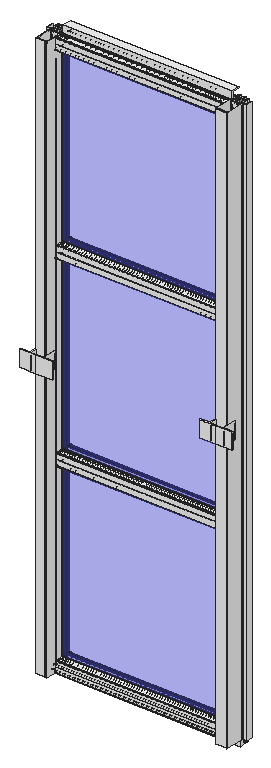
Revit family "Facade_60_Curtain_Wall_I13_Custom", category Windows, host Wall, Revit 2014 (continued)
Definition of nested family "F60 Horizontal Profile Middle_I13_Cust"
  Forms (mm)
    Extrusion 4, solid, material <- "Profile Material"
      sketch origin (0, 0, 0) x (0, 1, 0) y (0, 0, 1)
        loop
          line (-49.8, 59.5) -> (-49.8, 57.65) -> (-48.65, 57.65) -> (-48.65, 58.8) -> (-47.35, 58.8) -> (-47.35, 53.3) -> (-48.65, 53.3) -> (-48.65, 54.45) -> (-49.8, 54.45) -> (-49.8, 52.1)
          arc (-49.8, 52.1) -> (-49.3, 51.6) -> (-48.8, 52.1) r 0.5
          line (-48.8, 52.1) -> (-45.85, 52.1) -> (-45.85, 51.15)
          arc (-45.85, 51.15) -> (-45.674, 50.726) -> (-45.25, 50.55) r 0.6
          line (-45.25, 50.55) -> (-44.4, 50.55) -> (-44.4, 52.1) -> (-42.8, 52.1) -> (-42.8, 35.551)
          arc (-42.8, 35.551) -> (-43.034, 34.985) -> (-43.6, 34.751) r 0.8
          line (-43.6, 34.751) -> (-58.5, 34.751)
          arc (-58.5, 34.751) -> (-59.066, 34.516) -> (-59.3, 33.951) r 0.8
          line (-59.3, 33.951) -> (-59.3, 32.902) -> (-42.8, 32.902) -> (-42.8, 27.1) -> (-59.3, 27.1) -> (-59.3, 26.049)
          arc (-59.3, 26.049) -> (-59.066, 25.484) -> (-58.5, 25.249) r 0.8
      from 0 to 250 <- "Length"
    Extrusion 5, solid, material <- "Thermal Break Material", visible <- "Single Glazing"
      sketch origin (0, 0, 0) x (0, 1, 0) y (0, 0, 1)
        loop
          arc (-63.8, 25.751) -> (-63.654, 25.397) -> (-63.3, 25.251) r 0.5
          line (-63.3, 25.251) -> (-59.8, 25.251)
          arc (-59.8, 25.251) -> (-59.446, 25.397) -> (-59.3, 25.751) r 0.5
          line (-59.3, 25.751) -> (-59.3, 27.648) -> (-49.599, 27.648) -> (-47.528, 28.651)
          arc (-47.528, 28.651) -> (-46.803, 30.001) -> (-47.528, 31.351) r 1.62
          line (-47.528, 31.351) -> (-49.599, 32.353) -> (-59.3, 32.353) -> (-59.3, 34.251)
          arc (-59.3, 34.251) -> (-59.446, 34.604) -> (-59.8, 34.751) r 0.5
          line (-59.8, 34.751) -> (-63.3, 34.751)
          arc (-63.3, 34.751) -> (-63.654, 34.604) -> (-63.8, 34.251) r 0.5
          line (-63.8, 34.251) -> (-63.8, 32.328) -> (-62.4, 31.52) -> (-62.4, 28.483) -> (-63.8, 27.673) -> (-63.8, 25.751)
        loop
          line (-59.794, 28.506) -> (-59.006, 29.294)
          arc (-59.006, 29.294) -> (-58.788, 29.618) -> (-58.713, 30.001) r 0.986
          arc (-58.713, 30.001) -> (-58.79, 30.384) -> (-59.008, 30.71) r 1.007
          line (-59.008, 30.71) -> (-59.794, 31.496) -> (-60.65, 31.496)
          arc (-60.65, 31.496) -> (-61.004, 31.349) -> (-61.15, 30.996) r 0.5
          line (-61.15, 30.996) -> (-61.15, 29.006)
          arc (-61.15, 29.006) -> (-61.004, 28.652) -> (-60.65, 28.506) r 0.5
          line (-60.65, 28.506) -> (-59.794, 28.506)
        loop
          line (-47.854, 30.898) -> (-49.415, 31.653) -> (-56.782, 31.653)
          arc (-56.782, 31.653) -> (-57.207, 31.417) -> (-57.23, 30.932) r 0.5
          arc (-57.23, 30.932) -> (-57.013, 30.001) -> (-57.23, 29.07) r 2.099
          arc (-57.23, 29.07) -> (-57.207, 28.584) -> (-56.782, 28.348) r 0.5
          line (-56.782, 28.348) -> (-49.415, 28.348) -> (-48.055, 29.007)
          arc (-48.055, 29.007) -> (-47.35, 29.888) -> (-47.854, 30.898) r 1.047
      from 0 to 250 <- "Length"
    Extrusion 6, solid, material <- "Profile Material", visible <- "Single Glazing"
      sketch origin (0, 0, 0) x (0, 1, 0) y (0, 0, 1)
        loop
          line (-63.8, 52.694) -> (-64.8, 52.694) -> (-64.8, 51.544) -> (-66.05, 51.544) -> (-66.05, 57.044) -> (-64.8, 57.044) -> (-64.8, 55.894) -> (-63.8, 55.894) -> (-63.8, 58.294)
          arc (-63.8, 58.294) -> (-64.082, 58.803) -> (-64.664, 58.835) r 0.6
          line (-64.664, 58.835) -> (-66.562, 57.91) -> (-67.088, 58.988) -> (-68.05, 58.519) -> (-68.05, 48.513)
          arc (-68.05, 48.513) -> (-67.874, 48.089) -> (-67.45, 47.913) r 0.6
          line (-67.45, 47.913) -> (-66.6, 47.913) -> (-66.6, 12.09) -> (-67.45, 12.09)
          arc (-67.45, 12.09) -> (-67.874, 11.914) -> (-68.05, 11.49) r 0.6
          line (-68.05, 11.49) -> (-68.05, 1.485) -> (-67.088, 1.016) -> (-66.562, 2.095) -> (-64.663, 1.169)
          arc (-64.663, 1.169) -> (-64.082, 1.2) -> (-63.8, 1.709) r 0.6
          line (-63.8, 1.709) -> (-63.8, 4.109) -> (-64.8, 4.109) -> (-64.8, 2.959) -> (-66.05, 2.959) -> (-66.05, 8.459) -> (-64.8, 8.459) -> (-64.8, 7.309) -> (-63.8, 7.309) -> (-63.8, 27.674) -> (-62.4, 28.483) -> (-62.4, 31.521) -> (-63.8, 32.329) -> (-63.8, 52.694)
      from 0 to 250 <- "Length"
    Extrusion 7, solid, material <- "Profile Material", visible <- "Single Glazing"
      sketch origin (0, 0, 0) x (0, 1, 0) y (0, 0, 1)
        loop
          line (-68.551, 3.3) -> (-76.559, 3.3) -> (-76.559, 30) -> (-76.559, 56.15)
          arc (-76.559, 56.15) -> (-75.739, 58.13) -> (-73.759, 58.95) r 2.8
          line (-73.759, 58.95) -> (-69.151, 58.95) -> (-69.151, 57.2)
          arc (-69.151, 57.2) -> (-68.987, 56.829) -> (-68.601, 56.703) r 0.5
          arc (-68.601, 56.703) -> (-68.216, 56.829) -> (-68.051, 57.2) r 0.5
          line (-68.051, 57.2) -> (-68.051, 58.517) -> (-67.089, 58.986) -> (-66.563, 57.907) -> (-63.866, 59.222)
          arc (-63.866, 59.222) -> (-64.001, 59.762) -> (-64.504, 60) r 0.65
          line (-64.504, 60) -> (-73.859, 60)
          arc (-73.859, 60) -> (-76.687, 58.828) -> (-77.859, 56) r 4
          line (-77.859, 56) -> (-77.859, 30) -> (-77.859, 2.493)
          arc (-77.859, 2.493) -> (-77.197, 0.799) -> (-75.562, 0.002) r 2.5
          arc (-75.562, 0.002) -> (-75.182, 0.132) -> (-75.021, 0.5) r 0.5
          line (-75.021, 0.5) -> (-75.021, 2) -> (-69.151, 2) -> (-69.151, 0.5)
          arc (-69.151, 0.5) -> (-69.005, 0.146) -> (-68.651, 0) r 0.5
          line (-68.651, 0) -> (-64.504, 0)
          arc (-64.504, 0) -> (-64.001, 0.238) -> (-63.866, 0.778) r 0.65
          line (-63.866, 0.778) -> (-66.563, 2.093) -> (-67.089, 1.014) -> (-68.051, 1.483) -> (-68.051, 2.8)
          arc (-68.051, 2.8) -> (-68.198, 3.154) -> (-68.551, 3.3) r 0.5
      from 0 to 250 <- "Length"
    Extrusion 8, solid, material <- "Thermal Break Material", visible <- "Double Glazing"
      sketch origin (0, 0, 0) x (0, 1, 0) y (0, 0, 1)
        loop
          line (-77.8, 27.673) -> (-77.8, 25.751)
          arc (-77.8, 25.751) -> (-77.654, 25.397) -> (-77.3, 25.251) r 0.5
          line (-77.3, 25.251) -> (-59.8, 25.251)
          arc (-59.8, 25.251) -> (-59.446, 25.397) -> (-59.3, 25.751) r 0.5
          line (-59.3, 25.751) -> (-59.3, 27.647) -> (-49.599, 27.647) -> (-47.528, 28.649)
          arc (-47.528, 28.649) -> (-46.803, 29.999) -> (-47.528, 31.349) r 1.62
          line (-47.528, 31.349) -> (-49.602, 32.353) -> (-59.3, 32.353) -> (-59.3, 34.251)
          arc (-59.3, 34.251) -> (-59.446, 34.604) -> (-59.8, 34.751) r 0.5
          line (-59.8, 34.751) -> (-77.3, 34.751)
          arc (-77.3, 34.751) -> (-77.654, 34.604) -> (-77.8, 34.251) r 0.5
          line (-77.8, 34.251) -> (-77.8, 32.327) -> (-76.4, 31.52) -> (-76.4, 28.482) -> (-77.8, 27.673)
        loop
          line (-59.006, 30.708) -> (-61.156, 32.858)
          arc (-61.156, 32.858) -> (-61.48, 33.074) -> (-61.863, 33.151) r 1
          line (-61.863, 33.151) -> (-73.8, 33.151)
          arc (-73.8, 33.151) -> (-74.507, 32.858) -> (-74.8, 32.151) r 1
          line (-74.8, 32.151) -> (-74.8, 27.851)
          arc (-74.8, 27.851) -> (-74.507, 27.144) -> (-73.8, 26.851) r 1
          line (-73.8, 26.851) -> (-61.863, 26.851)
          arc (-61.863, 26.851) -> (-61.48, 26.927) -> (-61.156, 27.144) r 1
          line (-61.156, 27.144) -> (-59.006, 29.294)
          arc (-59.006, 29.294) -> (-58.788, 29.618) -> (-58.713, 30.001) r 0.986
          arc (-58.713, 30.001) -> (-58.79, 30.383) -> (-59.006, 30.708) r 1.007
        loop
          line (-56.782, 28.347) -> (-49.415, 28.347) -> (-48.055, 29.005)
          arc (-48.055, 29.005) -> (-47.35, 29.887) -> (-47.854, 30.896) r 1.047
          line (-47.854, 30.896) -> (-49.415, 31.652) -> (-56.782, 31.652)
          arc (-56.782, 31.652) -> (-57.207, 31.416) -> (-57.23, 30.93) r 0.5
          arc (-57.23, 30.93) -> (-57.013, 29.999) -> (-57.23, 29.068) r 2.099
          arc (-57.23, 29.068) -> (-57.207, 28.583) -> (-56.782, 28.347) r 0.5
      from 0 to 250 <- "Length"
    Extrusion 9, solid, material <- "Profile Material", visible <- "Double Glazing"
      sketch origin (0, 0, 0) x (0, 1, 0) y (0, 0, 1)
        loop
          line (-77.8, 52.694) -> (-78.8, 52.694) -> (-78.8, 51.544) -> (-80.05, 51.544) -> (-80.05, 57.044) -> (-78.8, 57.044) -> (-78.8, 55.894) -> (-77.8, 55.894) -> (-77.8, 58.294)
          arc (-77.8, 58.294) -> (-78.082, 58.802) -> (-78.664, 58.834) r 0.6
          line (-78.664, 58.834) -> (-80.562, 57.909) -> (-81.088, 58.988) -> (-82.05, 58.518) -> (-82.05, 48.512)
          arc (-82.05, 48.512) -> (-81.874, 48.088) -> (-81.45, 47.912) r 0.6
          line (-81.45, 47.912) -> (-80.6, 47.912) -> (-80.6, 12.089) -> (-81.45, 12.089)
          arc (-81.45, 12.089) -> (-81.874, 11.913) -> (-82.05, 11.489) r 0.6
          line (-82.05, 11.489) -> (-82.05, 1.484) -> (-81.088, 1.015) -> (-80.562, 2.094) -> (-78.663, 1.169)
          arc (-78.663, 1.169) -> (-78.082, 1.199) -> (-77.8, 1.708) r 0.6
          line (-77.8, 1.708) -> (-77.8, 4.108) -> (-78.8, 4.108) -> (-78.8, 2.958) -> (-80.05, 2.958) -> (-80.05, 8.458) -> (-78.8, 8.458) -> (-78.8, 7.308) -> (-77.8, 7.308) -> (-77.8, 27.673) -> (-76.4, 28.482) -> (-76.4, 31.52) -> (-77.8, 32.328) -> (-77.8, 52.694)
      from 0 to 250 <- "Length"
    Extrusion 10, solid, material <- "Profile Material", visible <- "Double Glazing"
      sketch origin (0, 0, 0) x (0, 1, 0) y (0, 0, 1)
        loop
          line (-82.551, 3.3) -> (-90.558, 3.3) -> (-90.558, 30) -> (-90.558, 56.15)
          arc (-90.558, 56.15) -> (-89.738, 58.13) -> (-87.758, 58.95) r 2.8
          line (-87.758, 58.95) -> (-83.151, 58.95) -> (-83.151, 57.2)
          arc (-83.151, 57.2) -> (-82.986, 56.829) -> (-82.601, 56.703) r 0.5
          arc (-82.601, 56.703) -> (-82.215, 56.829) -> (-82.051, 57.2) r 0.5
          line (-82.051, 57.2) -> (-82.051, 58.517) -> (-81.088, 58.986) -> (-80.563, 57.907) -> (-77.866, 59.222)
          arc (-77.866, 59.222) -> (-78, 59.762) -> (-78.503, 60) r 0.65
          line (-78.503, 60) -> (-87.858, 60)
          arc (-87.858, 60) -> (-90.687, 58.828) -> (-91.858, 56) r 4
          line (-91.858, 56) -> (-91.858, 30) -> (-91.858, 2.493)
          arc (-91.858, 2.493) -> (-91.196, 0.799) -> (-89.561, 0.002) r 2.5
          arc (-89.561, 0.002) -> (-89.182, 0.132) -> (-89.021, 0.5) r 0.5
          line (-89.021, 0.5) -> (-89.021, 2) -> (-83.151, 2) -> (-83.151, 0.5)
          arc (-83.151, 0.5) -> (-83.004, 0.146) -> (-82.651, 0) r 0.5
          line (-82.651, 0) -> (-78.503, 0)
          arc (-78.503, 0) -> (-78, 0.238) -> (-77.866, 0.778) r 0.65
          line (-77.866, 0.778) -> (-80.563, 2.093) -> (-81.088, 1.014) -> (-82.051, 1.483) -> (-82.051, 2.8)
          arc (-82.051, 2.8) -> (-82.197, 3.154) -> (-82.551, 3.3) r 0.5
      from 0 to 250 <- "Length"
  Dimensions and locks
    aligned and locked: level to plane 2
Definition of nested family "F60 Intermediate Anchor_I13_Cust"
  Parameters (values of type "F60 Intermediate Anchor")
    Profile Material [instance] = none
  Reference planes
    plane 1 "Center (Front/Back)": y = 0
    plane 2: z = 0
    plane 3 "Center (Left/Right)": x = 0
  Forms (mm)
    Extrusion 1, solid, material <- "Profile Material"
      sketch origin (0, 0, 0) x (1, 0, 0) y (0, 1, 0)
        loop
          line (23.715, 89.531) -> (108.716, 89.531) -> (193.716, 89.531) -> (193.716, 92.558)
          arc (193.716, 92.558) -> (192.905, 94.609) -> (190.911, 95.551) r 3
          line (190.911, 95.551) -> (147.753, 95.551)
          arc (147.753, 95.551) -> (146.314, 96.123) -> (145.715, 97.551) r 2
          line (145.715, 97.551) -> (145.715, 166.508)
          arc (145.715, 166.508) -> (144.291, 168.703) -> (141.815, 169.552) r 4.008
          line (141.815, 169.552) -> (140.303, 169.552)
          arc (140.303, 169.552) -> (139.875, 169.378) -> (139.703, 168.95) r 0.588
          line (139.703, 168.95) -> (139.703, 94.268)
          arc (139.703, 94.268) -> (139.579, 93.769) -> (139.115, 93.549) r 0.6
          line (139.115, 93.549) -> (108.715, 93.549) -> (78.422, 93.549)
          arc (78.422, 93.549) -> (77.93, 93.679) -> (77.715, 94.14) r 0.6
          line (77.715, 94.14) -> (77.715, 168.94)
          arc (77.715, 168.94) -> (77.531, 169.368) -> (77.104, 169.54) r 0.588
          line (77.104, 169.54) -> (75.684, 169.54)
          arc (75.684, 169.54) -> (73.185, 168.744) -> (71.713, 166.573) r 4.008
          line (71.713, 166.573) -> (71.713, 97.622)
          arc (71.713, 97.622) -> (71.158, 96.154) -> (69.715, 95.538) r 2
          line (69.715, 95.538) -> (26.715, 95.532)
          arc (26.715, 95.532) -> (24.594, 94.653) -> (23.715, 92.532) r 3
          line (23.715, 92.532) -> (23.715, 89.531)
      from 0 to 85
  Dimensions and locks
    aligned and locked: level to plane 2
